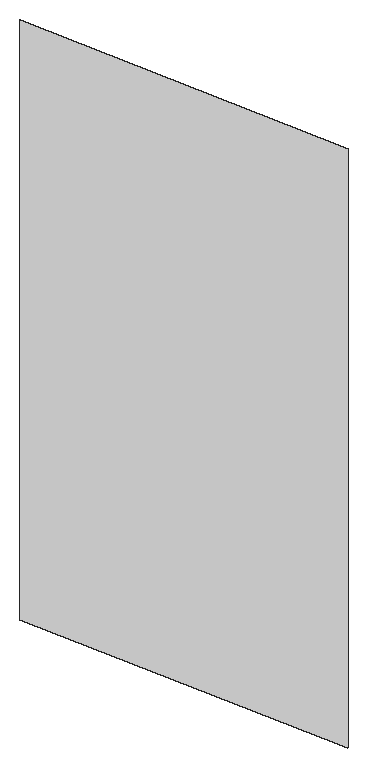
Revit family "M_Interruptor-Regulador para iluminação", category Iluminação elétrica, Revit 2019
Family settings
  Hospedeiro = Parede
  Manter orientação da anotação = Não
  Cota do conector redondo = Utilizar diâmetro
  Tipo de parte = Normal
  Número OmniClass = 23.80.50.11.14
  Título OmniClass = Switches
  ID de item do Seek = Switch-Dimmer-0000-CAN-ENU
  Sempre na vertical = Sim
  Corte com vazios quando carregada = Não
  Compartilhado = Não
  Ponto de cálculo do ambiente = Não
Parameters (values of type "Único")
  Largura = 70 mm
  Altura de montagem = 1200 mm
  Legenda = "D"
  Altura = 115 mm
  Material = Plástico, Branco Opaco
Reference planes
  plane 1: y = 0
  plane 2 "Centro (Esquerda/Direita)": x = 125
  plane 3 "Parte posterior": y = 75
  plane 4: z = 1200
  plane 5: x = 90
  plane 6: x = 160
  plane 7: z = 1257.5
  plane 8: z = 1142.5
  plane 9: y = 80
Forms (mm)
  Blend 1, solid, material "Plástico, Branco Opaco" <- "Material"
    base sketch origin (0, 75, 0) x (1, 0, 0) y (0, 0, 1)
      loop
        line (160, 1257.5) -> (90, 1257.5) -> (90, 1142.5) -> (160, 1142.5) -> (160, 1257.5)
    top sketch origin (0, 75, 0) x (1, 0, 0) y (0, 0, 1)
      loop
        line (155, 1252.5) -> (95, 1252.5) -> (95, 1147.5) -> (155, 1147.5) -> (155, 1252.5)
    from 0 to -5
Text (mm)
  text "Lado da colocação" at (0, 1270.507, 3001.832), in view "Esquerda"
  text "Lado da colocação" at (0, 530.812, 2999.686), in view "Direita"
Dimensions and locks
  locked: plane 3 "Parte posterior" to host wall
  "Altura": plane 8 to plane 7
  "Largura": plane 5 to plane 6
  equal spacing: plane 8, plane 4, plane 7
  equal spacing: plane 5, plane 2 "Centro (Esquerda/Direita)", plane 6
  "Altura de montagem": level to plane 4
  locked: plane 3 "Parte posterior" to plane 9 at 5
  aligned and locked: plane 1 to host wall
  aligned and locked: plane 6 to Blend 1 sketch curve
  aligned and locked: Blend 1 sketch curve to plane 7
  aligned and locked: plane 8 to Blend 1 sketch curve
  aligned and locked: plane 5 to Blend 1 sketch curve
  aligned and locked: plane 3 "Parte posterior" to nested 1
  aligned and locked: Blend 1 to plane 9
  aligned and locked: plane 3 "Parte posterior" to Blend 1
Automatic sketch dimensions
  Blend 1 sketch curve to plane 5 = 5 mm
  plane 6 to Blend 1 sketch curve = 5 mm
  Blend 1 sketch curve to plane 8 = 5 mm
  plane 7 to Blend 1 sketch curve = 5 mm
Nested families
  nested 1: "Anotação de interruptor com legenda" at (125, 75, 0), type "Anotação de interruptor com legenda"
Definition of nested family "Anotação de interruptor com legenda"
  Parameters
    Legenda = "D"
  Reference planes
    plane 1: y = 0
    plane 2: x = 0
  Lines and regions (mm)
    detail lines
      curve 1: arc (0.687, 4.366, 0) -> (-0.687, 4.366, 0) -> (0, 3.175, 0) r 0.794
      curve 2: arc (-0.846, 1.687, 0) -> (0.876, 1.693, 0) -> (0, 3.175, 0) r 0.992
      curve 3: line (0, 1.191, 0) -> (0, 0.222, 0)
  Text (mm)
    label "Legenda" at (2.034, 1.9, 0), shows "Legenda"
